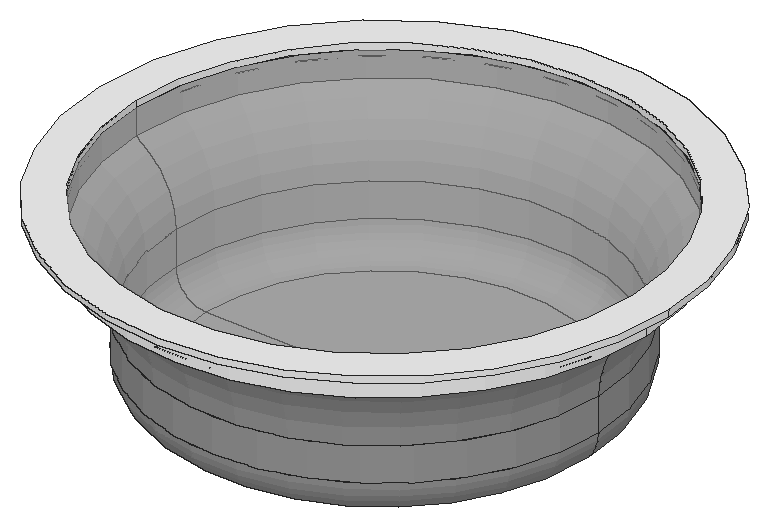
Revit family "3033936 Lighting Fixture_Sylvania_Insaver HO Topper LED II_Ceiling Recessed", category Lighting Fixtures, host Face, Revit 2017
Family settings
  Host = Face
  Round Connector Dimension = Use Diameter
  Part Type = Normal
  OmniClass Number = 23.80.70.11.17
  OmniClass Title = Specialized Lighting by Location or Use
  Cut with Voids When Loaded = No
  Light Source = Yes
  Shared = No
  Room Calculation Point = No
Parameters (values of type "Insaver HO Topper LED II 175 RO 15W WW")
  Weight = 0.45 kg
  Wattage = 15 W
  built-in parameter 1150110 = 1 (stored number, unit not read)
  Voltage Comments = "UNV (Universal Voltage; 220-240 Volt)"  # constant formula
  Voltage = 230 V  # constant formula
  URL = "http://www.sylvania-lighting.com"
  Ta Rating = "-10°C to +40°C"  # constant formula
  LOR = "100 %"
  Glow Wire Test = 650 °C  # constant formula
  Electrical Protection = "Class II"  # constant formula
  Distribution type = "Direct - Symmetrical"  # constant formula
  Accessory Marerial = Metallic Paint_Sylvania_Insaver HO Topper LED_White_RAL 9003
  built-in parameter 1114217 = 1 (stored number, unit not read)
  Tilt Angle = -90°
  built-in parameter 1150109 = 1 (stored number, unit not read)
  built-in parameter 1150134 = (empty or 0)
  built-in parameter 1150113 = 1 (stored number, unit not read)
  Product Page URL = "http://www.sylvania-lighting.com/product/en-int/products/3033936"
  Product Family = "INSAVER HO TOPPER LED II"  # constant formula
  Photometry Comments = ""
  Photometric Web File = "3033936_InsaverHOTopperLEDII175RO15WWW-194705.ies"
  Life = "50 000 h"  # constant formula
  Inner Radius = Inner Diameter / 2  # 85.0 mm
  IP Rating = "IP44"  # constant formula
  IK Rating = "IK07"  # constant formula
  Emit from Circle Diameter = Diffuser Diameter  # 166.0 mm
  Drive Current = "300 mA"
  Accessory Diameter = Diameter + 15.0 mm  # 190.0 mm
  Inner Diameter = Diameter - 5.0 mm  # 170.0 mm
  Diffuser Diameter = Diameter - 9.0 mm  # 166.0 mm
  Diameter = 175.0 mm
  Cutout Diameter = Diameter  # 175.0 mm
  CRI ( Ra ) = 80  # constant formula
  Body Material = Metallic Paint_Sylvania_Insaver HO Topper LED_White_RAL 9003
  Beam Angle = 74°  # constant formula
  Difuser Material = Polycarbonate_Sylvania_Insaver HO Topper LED_3000K
  Height = 55.0 mm
  built-in parameter 1114216 [instance] = 1 (stored number, unit not read)
  Model = "Insaver HO Topper LED II 175 RO 15W WW"
  Manufacturer = "Feilo Sylvania"  # constant formula
  built-in parameter 1150105 = 777.59 (stored number, unit not read)
  Lumens = 1366.95 lm
  built-in parameter 1150115 = 1 (stored number, unit not read)
  built-in parameter 1150137 = (empty or 0)
  built-in parameter 1150139 = (empty or 0)
  built-in parameter 1150112 = 1 (stored number, unit not read)
  built-in parameter 1150114 = 1 (stored number, unit not read)
  Lamp Comments = "Integrated LED"  # constant formula
  Lamp = "15W"
  built-in parameter 1150132 = 2
  built-in parameter 1150102 = (empty or 0)
  built-in parameter 1150107 = 3000 (stored number, unit not read)
  built-in parameter 1150138 = (empty or 0)
  built-in parameter 1150106 = 7.7759 (stored number, unit not read)
  Reflector Material = Metal_Sylvania_Insaver HO Topper LED
  Emit Shape Visible in Rendering = yes
  built-in parameter 1150104 = 8.4663 (stored number, unit not read)
  Dimming Lamp Color Temperature Shift = <None>
  Description = "Insaver HO Topper LED II is available in 4 different round cut out sizes: 150mm, 175mm, 205mm & 220mm Insaver HO Topper LED II 150 12W delivers a 1,134 lumen output (4,000K) - perfect for 1x26W CFL replacement Insaver HO Topper LED II 175 15W delivers a 1,480 lumen output (4,000K) - perfect for 1x32W/2x18W CFL replacement Insaver HO Topper LED II 205 21W delivers a 1,989 lumen output (4,000K) - perfect for 1x42W CFL replacement Insaver HO Topper LED II 225 25W delivers a 2,289 lumen output (4,000K)- perfect for 2x26W CFL replacement High efficacy up to 99lm/W (Insaver HO Topper LED II 175 4,000K) IP44 rating allows for installation in applicable wet zone areas Choice of 3,000K (warm white) or 4,000K (neutral white) Shallow recess depth of <65mm Can replace existing large CFL downlights using a 225mm ceiling cut out (Insaver HO Topper LED II 225) Energy efficient electronic gear including analogue 1-10V and DALI dimmable options IK07 polycarbonate diffuser allows for a wider light distribution than a reflector downlight, allowing for increased spacings between luminaires 3 hour emergency pack available (to be ordered in addition to the luminaire) Ideal for applications such as corridors, public WCs and back of house areas Quick and easy to install Loop in-Loop out facility with red push fit terminal block for quick wiring White bezel (RAL 9003) Energy Class: A++, A+, A Long lifetime: 50,000 hours life at L70 (L80: 30,000 hours, L90: 15,000 hours)"  # constant formula
  Default Elevation = 0.0 mm
  Color Filter = 16777215
  Catalog Number = "3033936 Insaver HO Topper LED II 175 RO 15W WW"
  built-in parameter 1140040 [instance] = 1
  built-in parameter 1114218 = 1 (stored number, unit not read)
  built-in parameter 1150133 = 10 (stored number, unit not read)
  Assembly Code = "D5020200"
  Apparent Load Comments = ""
  Apparent Load = 15 VA
Reference planes
  plane 1 "Center (Front/Back)": y = 0
  plane 2: z = 0
  plane 3 "Center (Left/Right)": x = 0
  plane 4 "Fixture Bottom": z = 2
  plane 5 "Fixture Top": z = -55
  plane 6 "Brace Top": z = -8.5
  plane 7 "Fixture Left": x = -95
  plane 8 "Fixture Right": x = 95
  plane 9 "Cutout Right": x = 87.5
  plane 10 "Cutout Left": x = -87.5
  plane 11: z = -2
Forms (mm)
  Extrusion 1, void
    sketch origin (0, 0, 59) x (-1, 0, 0) y (0, -1, 0)
      loop
        circle (0, 0) r 87.5
    from -114 to -57
  Extrusion 2, solid, material "Metallic Paint_Sylvania_Insaver HO Topper LED_White_RAL 9003" <- "Accessory Marerial", detail levels fine
    sketch origin (0, 0, 59) x (-1, 0, 0) y (0, -1, 0)
      loop
        circle (0, 0) r 95
      loop
        circle (0, 0) r 83
    from -59 to -57
  Extrusion 3, solid, material "Metallic Paint_Sylvania_Insaver HO Topper LED_White_RAL 9003" <- "Accessory Marerial", detail levels fine
    sketch origin (0, 0, 0) x (1, 0, 0) y (0, 1, 0)
      loop
        circle (0, 0) r 87.5
      loop
        circle (0, 0) r 85
    from -8.5 to 0
  Extrusion 4, solid, material "Polycarbonate_Sylvania_Insaver HO Topper LED_3000K" <- "Difuser Material", detail levels fine
    sketch origin (0, 0, 59) x (-1, 0, 0) y (0, -1, 0)
      loop
        circle (0, 0) r 83
    from -61 to -59
  Revolve 5, solid, material "Metal_Sylvania_Insaver HO Topper LED" <- "Reflector Material", detail levels fine
    sketch origin (0, 0, 0) x (1, 0, 0) y (0, 0, 1)
      loop
        line (-83, 0) -> (-85, 0) -> (-85, -8.5)
        arc (-85, -8.5) -> (-75.208, -18.379) -> (-71.627, -31.82) r 27.019
        line (-71.627, -31.82) -> (-71.627, -43)
        arc (-71.627, -43) -> (-68.113, -51.485) -> (-59.627, -55) r 12
        line (-59.627, -55) -> (0, -55) -> (0, -53) -> (-59.627, -53)
        arc (-59.627, -53) -> (-66.698, -50.071) -> (-69.627, -43) r 10
        line (-69.627, -43) -> (-69.627, -31.82)
        arc (-69.627, -31.82) -> (-73.208, -18.379) -> (-83, -8.5) r 27.019
        line (-83, -8.5) -> (-83, 0)
      axis (0, -55) -> (0, 0)
    angle from 0 to 360
  Revolve 6, solid, material "Metallic Paint_Sylvania_Insaver HO Topper LED_White_RAL 9003" <- "Body Material", detail levels coarse+medium
    sketch origin (0, 0, 0) x (1, 0, 0) y (0, 0, 1)
      loop
        line (-71.627, -31.82) -> (-71.627, -43)
        arc (-71.627, -43) -> (-68.113, -51.485) -> (-59.627, -55) r 12
        line (-59.627, -55) -> (0, -55) -> (0, 2) -> (-95, 2) -> (-95, 0) -> (-87.5, 0) -> (-87.5, -8.5) -> (-85, -8.5)
        arc (-85, -8.5) -> (-75.208, -18.379) -> (-71.627, -31.82) r 27.019
      axis (0, -55) -> (0, 2)
    angle from 0 to 360
Cuts and joins
  joined: Extrusion 2, Extrusion 3
Dimensions and locks
  plane 4 "Fixture Bottom" to plane 2 to plane 6 "Brace Top" = 2.0 mm locked, 8.5 mm locked
  "Height": plane 2 to plane 5 "Fixture Top"
  equal spacing: plane 8 "Fixture Right", plane 3 "Center (Left/Right)", plane 7 "Fixture Left"
  "Accessory Diameter": plane 8 "Fixture Right" to plane 7 "Fixture Left"
  equal spacing: plane 9 "Cutout Right", plane 3 "Center (Left/Right)", plane 10 "Cutout Left"
  "Diameter": plane 9 "Cutout Right" to plane 10 "Cutout Left"
  locked: Revolve 6 sketch curve to Revolve 6 sketch curve at 23.373
  locked: Revolve 6 sketch curve to plane 5 "Fixture Top" at 12
  locked: Revolve 5 sketch curve to plane 7 "Fixture Left" at 23.373
  "Cutout Diameter": diameter of Extrusion 1 sketch curve
  "Accessory Diameter": diameter of Extrusion 2 sketch curve
  "Diffuser Diameter": diameter of Extrusion 2 sketch curve
  "Diameter": diameter of Extrusion 3 sketch curve
  "Inner Diameter": diameter of Extrusion 3 sketch curve
  "Diffuser Diameter": diameter of Extrusion 4 sketch curve
  aligned and locked: plane 2 to host face
  aligned and locked: level to host face
  aligned and locked: plane 1 "Center (Front/Back)" to imposter light
  aligned and locked: Extrusion 2 to plane 2
  aligned and locked: plane 4 "Fixture Bottom" to Extrusion 2
  aligned and locked: plane 2 to Extrusion 3
  aligned and locked: plane 4 "Fixture Bottom" to Extrusion 1
  aligned and locked: Extrusion 1 to plane 5 "Fixture Top"
  aligned and locked: plane 3 "Center (Left/Right)" to imposter light
  aligned and locked: imposter light to plane 4 "Fixture Bottom"
  aligned and locked: Extrusion 3 to plane 6 "Brace Top"
  aligned and locked: level to Extrusion 4
  aligned and locked: plane 11 to Extrusion 4
  aligned and locked: imposter light to Revolve 5 sketch curve  (x2)
  aligned and locked: Revolve 5 sketch curve to plane 2
  aligned and locked: plane 6 "Brace Top" to Revolve 5 sketch curve
  aligned and locked: Revolve 6 sketch curve to imposter light
  aligned and locked: plane 2 to Revolve 6 sketch curve
  aligned and locked: plane 6 "Brace Top" to Revolve 6 sketch curve
  aligned and locked: plane 7 "Fixture Left" to Revolve 6 sketch curve
  aligned and locked: plane 10 "Cutout Left" to Revolve 6 sketch curve
  aligned and locked: Revolve 6 sketch curve to plane 5 "Fixture Top"
  aligned and locked: Revolve 5 sketch curve to plane 5 "Fixture Top"
Automatic sketch dimensions
  host sketch curve to host sketch curve = 1596.918 mm
  host sketch curve to host sketch curve = 1559.52 mm
  Revolve 6 sketch curve to plane 3 "Center (Left/Right)" = 0.0 mm  (x2)
  Revolve 6 sketch curve to Revolve 6 sketch curve = 2.5 mm
  plane 5 "Fixture Top" to Revolve 6 sketch curve = 23.18 mm
  Revolve 6 sketch curve to plane 5 "Fixture Top" = 19.048 mm
  plane 4 "Fixture Bottom" to Revolve 6 sketch curve = 5.837 mm
  Revolve 5 sketch curve to Revolve 5 sketch curve = 0.0 mm  (x2)
  Revolve 5 sketch curve to plane 6 "Brace Top" = 0.0 mm
  plane 10 "Cutout Left" to Revolve 5 sketch curve = 2.5 mm
  plane 5 "Fixture Top" to Revolve 5 sketch curve = 2.0 mm
  Revolve 5 sketch curve to Revolve 5 sketch curve = 2.0 mm  (x2)
  Revolve 5 sketch curve to Revolve 5 sketch curve = 10.0 mm
  plane 5 "Fixture Top" to Revolve 5 sketch curve = 23.18 mm
  Revolve 5 sketch curve to plane 5 "Fixture Top" = 19.048 mm
  plane 4 "Fixture Bottom" to Revolve 5 sketch curve = 5.837 mm
  plane 1 "Center (Front/Back)" to Extrusion 1 sketch curve = 0.0 mm
  Extrusion 1 sketch curve to plane 3 "Center (Left/Right)" = 0.0 mm
  Extrusion 2 sketch curve to Extrusion 2 sketch curve = 0.0 mm  (x2)
  plane 1 "Center (Front/Back)" to Extrusion 2 sketch curve = 0.0 mm
  Extrusion 2 sketch curve to plane 3 "Center (Left/Right)" = 0.0 mm
  Extrusion 3 sketch curve to Extrusion 3 sketch curve = 0.0 mm  (x2)
  plane 1 "Center (Front/Back)" to Extrusion 3 sketch curve = 0.0 mm
  Extrusion 3 sketch curve to plane 3 "Center (Left/Right)" = 0.0 mm
  plane 1 "Center (Front/Back)" to Extrusion 4 sketch curve = 0.0 mm
  Extrusion 4 sketch curve to plane 3 "Center (Left/Right)" = 0.0 mm
Connectors
  electrical at (0, 0, -55), driven by "Voltage", driven by "Apparent Load"
    settings: index 1, voltage 230 V, apparent load 0 VA, apparent load phase1 15 VA, apparent load phase2 0 VA, apparent load phase3 0 VA, power factor 1, load classification "Lighting", number of poles 1, system type 31, power factor state 1, is connector primary yes, connector utility no, sub classification motor no, connector description ""
